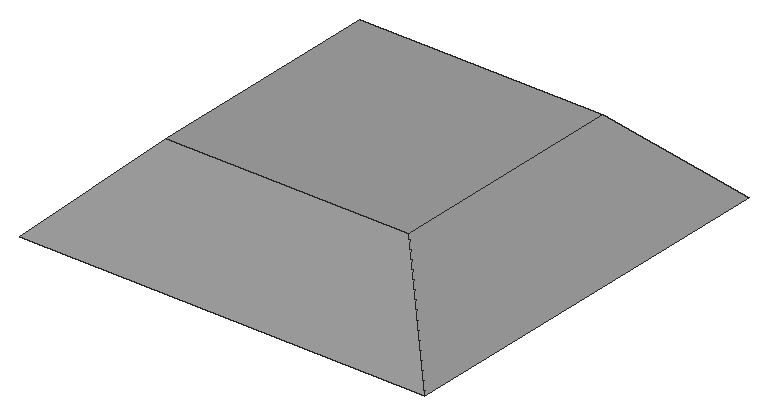
Revit family "Footing", category Generic Models, host Face, Revit 2019
Family settings
  Host = Face
  Can host rebar = No
  Round Connector Dimension = Use Diameter
  Part Type = Normal
  Cut with Voids When Loaded = No
  Shared = No
  Room Calculation Point = No
Parameters
  d = 0' - 8"
  b = 2' - 0"
  Material = Default
  Default Elevation = 4' - 0"
Reference planes (in)
  plane 1 "Center (Front/Back)": y = 0
  plane 2 "b": z = 0
  plane 3 "Center (Left/Right)": x = 0
  plane 4: x = 12
  plane 5: x = -12
  plane 6: y = 12
  plane 7: y = -12
  plane 8 "t": z = 8
  plane 9: x = -20
  plane 10: y = -20
  plane 11: x = 20
  plane 12: y = 20
Forms (in)
  SweptBlend 1, solid, material "Default" <- "Material"
    path in 3D
      loop
        line (0, 0, 8) -> (0, 0, 0)
    profile origin (0, 0, 8) x (0, -1, 0) y (1, 0, 0)
      loop
        line (-12, -12) -> (12, -12) -> (12, 12) -> (-12, 12) -> (-12, -12)
    end profile origin (0, 0, 0) x (0, -1, 0) y (1, 0, 0)
      loop
        line (-20, -20) -> (20, -20) -> (20, 20) -> (-20, 20) -> (-20, -20)
Lines and regions (in)
  model lines, not visible
    curve 1: line (0, 0, 8) -> (0, 0, 0)
  sketch lines
    curve 2: line (0, 0, 8) -> (0, 0, 0)
Dimensions and locks (in)
  equal spacing: plane 5, plane 3 "Center (Left/Right)", plane 4
  equal spacing: plane 6, plane 1 "Center (Front/Back)", plane 7
  "b": plane 6 to plane 7
  "b": plane 5 to plane 4
  "d": plane 8 "t" to level
  "d": plane 4 to plane 11
  "d": plane 9 to plane 5
  "d": plane 12 to plane 6
  "d": plane 7 to plane 10
  aligned and locked: plane 2 "b" to host face
  aligned and locked: level to host face
  aligned and locked: plane 8 "t" to curve 1
  aligned and locked: plane 2 "b" to curve 1
  aligned and locked: curve 1 to plane 3 "Center (Left/Right)"
  aligned and locked: plane 6 to SweptBlend 1 sketch curve
  aligned and locked: SweptBlend 1 sketch curve to plane 5
  aligned and locked: SweptBlend 1 sketch curve to plane 7
  aligned and locked: plane 4 to SweptBlend 1 sketch curve
  aligned and locked: plane 12 to SweptBlend 1 sketch curve
  aligned and locked: SweptBlend 1 sketch curve to plane 9
  aligned and locked: SweptBlend 1 sketch curve to plane 10
  aligned and locked: plane 11 to SweptBlend 1 sketch curve
Automatic sketch dimensions
  host sketch curve to host sketch curve = 8' - 0"  (x2)
